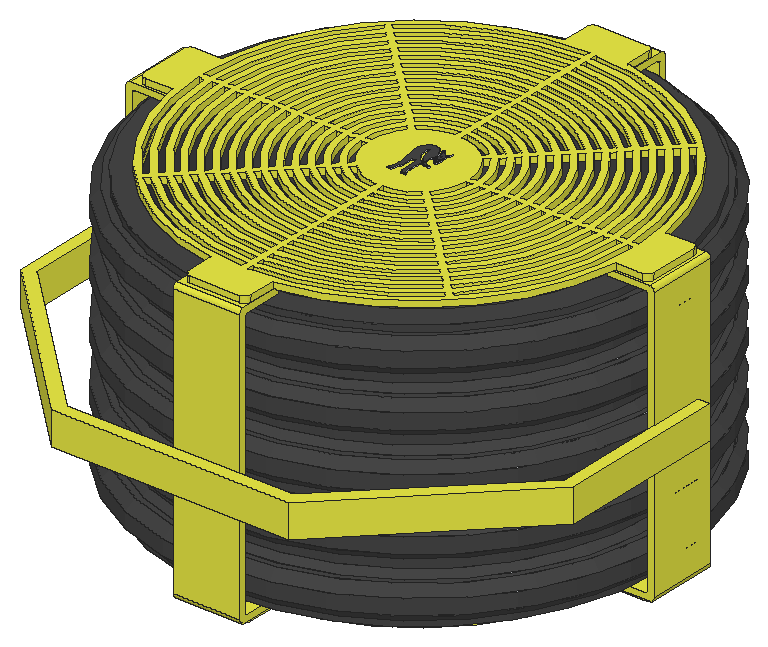
Revit family "yellow jacket", category Generic Models, Revit 2014 (continued)
Forms (in)
  Extrusion 8, solid
    sketch origin (0, 0, 0) x (1, 0, 0) y (0, 1, 0)
      loop
        arc (6.61694, 0.10746) -> (6.12697, 2.34491) -> (4.89132, 4.27348) r 6.5
        line (4.89132, 4.27348) -> (4.53748, 3.91964)
        arc (4.53748, 3.91964) -> (5.66503, 2.15356) -> (6.11654, 0.10746) r 6
      loop
        line (7.11729, 0.10746) -> (7.61758, 0.10746)
        arc (7.61758, 0.10746) -> (7.05085, 2.72759) -> (5.59888, 4.98104) r 7.5
        line (5.59888, 4.98104) -> (5.24512, 4.62728)
        arc (5.24512, 4.62728) -> (6.58891, 2.53625) -> (7.11729, 0.10746) r 7
      loop
        line (8.11784, 0.10746) -> (8.61807, 0.10746)
        arc (8.61807, 0.10746) -> (7.97473, 3.11027) -> (6.30634, 5.68849) r 8.5
        line (6.30634, 5.68849) -> (5.95262, 5.33478)
        arc (5.95262, 5.33478) -> (7.51279, 2.91893) -> (8.11784, 0.10746) r 8
      loop
        line (9.11828, 0.10746) -> (9.61846, 0.10746)
        arc (9.61846, 0.10746) -> (8.89861, 3.49296) -> (7.01372, 6.39587) r 9.5
        line (7.01372, 6.39587) -> (6.66003, 6.04219)
        arc (6.66003, 6.04219) -> (8.43667, 3.30161) -> (9.11828, 0.10746) r 9
      loop
        line (10.11863, 0.10746) -> (10.61878, 0.10746)
        arc (10.61878, 0.10746) -> (9.82249, 3.87564) -> (7.72104, 7.1032) r 10.5
        line (7.72104, 7.1032) -> (7.36739, 6.74954)
        arc (7.36739, 6.74954) -> (9.36055, 3.6843) -> (10.11863, 0.10746) r 10
      loop
        line (11.11891, 0.10746) -> (11.61903, 0.10746)
        arc (11.61903, 0.10746) -> (10.74637, 4.25832) -> (8.42833, 7.81049) r 11.5
        line (8.42833, 7.81049) -> (8.07469, 7.45685)
        arc (8.07469, 7.45685) -> (10.28443, 4.06698) -> (11.11891, 0.10746) r 11
      loop
        line (12.11915, 0.10746) -> (12.61925, 0.10746)
        arc (12.61925, 0.10746) -> (11.67025, 4.64101) -> (9.1356, 8.51775) r 12.5
        line (9.1356, 8.51775) -> (8.78197, 8.16413)
        arc (8.78197, 8.16413) -> (11.20831, 4.44966) -> (12.11915, 0.10746) r 12
      loop
        line (13.11935, 0.10746) -> (13.61944, 0.10746)
        arc (13.61944, 0.10746) -> (12.59413, 5.02369) -> (9.84283, 9.22499) r 13.5
        line (9.84283, 9.22499) -> (9.48922, 8.87138)
        arc (9.48922, 8.87138) -> (12.13219, 4.83235) -> (13.11935, 0.10746) r 13
      loop
        line (14.11952, 0.10746) -> (14.6196, 0.10746)
        arc (14.6196, 0.10746) -> (13.518, 5.40637) -> (10.55005, 9.93221) r 14.5
        line (10.55005, 9.93221) -> (10.19644, 9.5786)
        arc (10.19644, 9.5786) -> (13.05607, 5.21503) -> (14.11952, 0.10746) r 14
      loop
        line (15.11967, 0.10746) -> (15.61974, 0.10746)
        arc (15.61974, 0.10746) -> (14.44188, 5.78906) -> (11.25726, 10.63942) r 15.5
        line (11.25726, 10.63942) -> (10.90366, 10.28582)
        arc (10.90366, 10.28582) -> (13.97994, 5.59772) -> (15.11967, 0.10746) r 15
      loop
        line (16.1198, 0.10746) -> (16.61986, 0.10746)
        arc (16.61986, 0.10746) -> (15.36576, 6.17174) -> (11.96445, 11.34661) r 16.5
        line (11.96445, 11.34661) -> (11.61086, 10.99301)
        arc (11.61086, 10.99301) -> (14.90382, 5.9804) -> (16.1198, 0.10746) r 16
      loop
        line (17.11991, 0.10746) -> (17.61997, 0.10746)
        arc (17.61997, 0.10746) -> (16.28964, 6.55442) -> (12.67163, 12.05379) r 17.5
        line (12.67163, 12.05379) -> (12.31804, 11.7002)
        arc (12.31804, 11.7002) -> (15.8277, 6.36308) -> (17.11991, 0.10746) r 17
      loop
        arc (12.31808, 12.40735) -> (6.81871, 16.02536) -> (0.37175, 17.35568) r 17.5
        line (0.37175, 17.35568) -> (0.37175, 16.85563)
        arc (0.37175, 16.85563) -> (6.62737, 15.56342) -> (11.96449, 12.05376) r 17
        line (11.96449, 12.05376) -> (12.31808, 12.40735)
      loop
        arc (11.6109, 11.70016) -> (6.43603, 15.10148) -> (0.37175, 16.35557) r 16.5
        line (0.37175, 16.35557) -> (0.37175, 15.85551)
        arc (0.37175, 15.85551) -> (6.24469, 14.63954) -> (11.2573, 11.34657) r 16
        line (11.2573, 11.34657) -> (11.6109, 11.70016)
      loop
        arc (10.9037, 10.99297) -> (6.05334, 14.1776) -> (0.37175, 15.35545) r 15.5
        line (0.37175, 15.35545) -> (0.37175, 14.85538)
        arc (0.37175, 14.85538) -> (5.862, 13.71566) -> (10.5501, 10.63937) r 15
        line (10.5501, 10.63937) -> (10.9037, 10.99297)
      loop
        arc (10.1965, 10.28576) -> (5.67066, 13.25372) -> (0.37175, 14.35531) r 14.5
        line (0.37175, 14.35531) -> (0.37175, 13.85523)
        arc (0.37175, 13.85523) -> (5.47932, 12.79178) -> (9.84289, 9.93216) r 14
        line (9.84289, 9.93216) -> (10.1965, 10.28576)
      loop
        arc (9.48928, 9.57854) -> (5.28798, 12.32984) -> (0.37175, 13.35515) r 13.5
        line (0.37175, 13.35515) -> (0.37175, 12.85506)
        arc (0.37175, 12.85506) -> (5.09664, 11.8679) -> (9.13566, 9.22493) r 13
        line (9.13566, 9.22493) -> (9.48928, 9.57854)
      loop
        arc (8.78204, 8.87131) -> (4.90529, 11.40596) -> (0.37175, 12.35496) r 12.5
        line (0.37175, 12.35496) -> (0.37175, 11.85486)
        arc (0.37175, 11.85486) -> (4.71395, 10.94402) -> (8.42841, 8.51768) r 12
        line (8.42841, 8.51768) -> (8.78204, 8.87131)
      loop
        arc (8.07478, 8.16405) -> (4.52261, 10.48208) -> (0.37175, 11.35475) r 11.5
        line (0.37175, 11.35475) -> (0.37175, 10.85462)
        arc (0.37175, 10.85462) -> (4.33127, 10.02014) -> (7.72114, 7.81041) r 11
        line (7.72114, 7.81041) -> (8.07478, 8.16405)
      loop
        arc (7.36749, 7.45676) -> (4.13993, 9.5582) -> (0.37175, 10.35449) r 10.5
        line (0.37175, 10.35449) -> (0.37175, 9.85434)
        arc (0.37175, 9.85434) -> (3.94859, 9.09626) -> (7.01383, 7.1031) r 10
        line (7.01383, 7.1031) -> (7.36749, 7.45676)
      loop
        arc (6.66016, 6.74943) -> (3.75724, 8.63432) -> (0.37175, 9.35417) r 9.5
        line (0.37175, 9.35417) -> (0.37175, 8.85399)
        arc (0.37175, 8.85399) -> (3.5659, 8.17238) -> (6.30648, 6.39575) r 9
        line (6.30648, 6.39575) -> (6.66016, 6.74943)
      loop
        arc (5.95278, 6.04205) -> (3.37456, 7.71044) -> (0.37175, 8.35379) r 8.5
        line (0.37175, 8.35379) -> (0.37175, 7.85356)
        arc (0.37175, 7.85356) -> (3.18322, 7.2485) -> (5.59907, 5.68833) r 8
        line (5.59907, 5.68833) -> (5.95278, 6.04205)
      loop
        arc (5.24533, 5.33459) -> (2.99188, 6.78656) -> (0.37175, 7.3533) r 7.5
        line (0.37175, 7.3533) -> (0.37175, 6.853)
        arc (0.37175, 6.853) -> (2.80054, 6.32462) -> (4.89156, 4.98083) r 7
        line (4.89156, 4.98083) -> (5.24533, 5.33459)
      loop
        arc (4.53777, 4.62703) -> (2.60919, 5.86268) -> (0.37175, 6.35265) r 6.5
        line (0.37175, 6.35265) -> (0.37175, 5.85225)
        arc (0.37175, 5.85225) -> (2.41785, 5.40074) -> (4.18393, 4.2732) r 6
        line (4.18393, 4.2732) -> (4.53777, 4.62703)
      loop
        arc (3.83004, 3.91931) -> (2.22651, 4.9388) -> (0.37175, 5.35178) r 5.5
        line (0.37175, 5.35178) -> (0.37175, 4.85121)
        arc (0.37175, 4.85121) -> (2.03517, 4.47686) -> (3.47609, 3.56535) r 5
        line (3.47609, 3.56535) -> (3.83004, 3.91931)
      loop
        arc (3.12204, 3.21131) -> (1.84383, 4.01492) -> (0.37175, 4.35051) r 4.5
        line (0.37175, 4.35051) -> (0.37175, 3.84964)
        arc (0.37175, 3.84964) -> (1.65249, 3.55298) -> (2.76787, 2.85714) r 4
        line (2.76787, 2.85714) -> (3.12204, 3.21131)
      loop
        line (-2.87792, 2.50358) -> (-3.23209, 2.85775)
        arc (-3.23209, 2.85775) -> (-4.03571, 1.57954) -> (-4.3713, 0.10746) r 4.5
        line (-4.3713, 0.10746) -> (-3.87043, 0.10746)
        arc (-3.87043, 0.10746) -> (-3.57377, 1.3882) -> (-2.87792, 2.50358) r 4
      loop
        line (-3.58614, 3.2118) -> (-3.94009, 3.56575)
        arc (-3.94009, 3.56575) -> (-4.95959, 1.96222) -> (-5.37256, 0.10746) r 5.5
        line (-5.37256, 0.10746) -> (-4.87199, 0.10746)
        arc (-4.87199, 0.10746) -> (-4.49765, 1.77088) -> (-3.58614, 3.2118) r 5
      loop
        line (-4.29398, 3.91964) -> (-4.64782, 4.27348)
        arc (-4.64782, 4.27348) -> (-5.88347, 2.34491) -> (-6.37344, 0.10746) r 6.5
        line (-6.37344, 0.10746) -> (-5.87304, 0.10746)
        arc (-5.87304, 0.10746) -> (-5.42153, 2.15356) -> (-4.29398, 3.91964) r 6
      loop
        line (-5.00161, 4.62728) -> (-5.35538, 4.98104)
        arc (-5.35538, 4.98104) -> (-6.80734, 2.72759) -> (-7.37408, 0.10746) r 7.5
        line (-7.37408, 0.10746) -> (-6.87378, 0.10746)
        arc (-6.87378, 0.10746) -> (-6.34541, 2.53625) -> (-5.00161, 4.62728) r 7
      loop
        line (-5.70912, 5.33478) -> (-6.06283, 5.68849)
        arc (-6.06283, 5.68849) -> (-7.73122, 3.11027) -> (-8.37457, 0.10746) r 8.5
        line (-8.37457, 0.10746) -> (-7.87434, 0.10746)
        arc (-7.87434, 0.10746) -> (-7.26928, 2.91893) -> (-5.70912, 5.33478) r 8
      loop
        line (-6.41653, 6.04219) -> (-6.77021, 6.39587)
        arc (-6.77021, 6.39587) -> (-8.6551, 3.49296) -> (-9.37496, 0.10746) r 9.5
        line (-9.37496, 0.10746) -> (-8.87478, 0.10746)
        arc (-8.87478, 0.10746) -> (-8.19316, 3.30161) -> (-6.41653, 6.04219) r 9
      loop
        line (-7.12388, 6.74954) -> (-7.47754, 7.1032)
        arc (-7.47754, 7.1032) -> (-9.57898, 3.87564) -> (-10.37527, 0.10746) r 10.5
        line (-10.37527, 0.10746) -> (-9.87512, 0.10746)
        arc (-9.87512, 0.10746) -> (-9.11704, 3.6843) -> (-7.12388, 6.74954) r 10
      loop
        line (-7.83119, 7.45685) -> (-8.18483, 7.81049)
        arc (-8.18483, 7.81049) -> (-10.50286, 4.25832) -> (-11.37553, 0.10746) r 11.5
        line (-11.37553, 0.10746) -> (-10.87541, 0.10746)
        arc (-10.87541, 0.10746) -> (-10.04092, 4.06698) -> (-7.83119, 7.45685) r 11
      loop
        line (-8.53846, 8.16413) -> (-8.89209, 8.51775)
        arc (-8.89209, 8.51775) -> (-11.42674, 4.64101) -> (-12.37575, 0.10746) r 12.5
        line (-12.37575, 0.10746) -> (-11.87564, 0.10746)
        arc (-11.87564, 0.10746) -> (-10.9648, 4.44966) -> (-8.53846, 8.16413) r 12
      loop
        line (-9.24571, 8.87138) -> (-9.59933, 9.22499)
        arc (-9.59933, 9.22499) -> (-12.35062, 5.02369) -> (-13.37593, 0.10746) r 13.5
        line (-13.37593, 0.10746) -> (-12.87584, 0.10746)
        arc (-12.87584, 0.10746) -> (-11.88868, 4.83235) -> (-9.24571, 8.87138) r 13
      loop
        line (-9.95294, 9.5786) -> (-10.30655, 9.93221)
        arc (-10.30655, 9.93221) -> (-13.2745, 5.40637) -> (-14.37609, 0.10746) r 14.5
        line (-14.37609, 0.10746) -> (-13.87602, 0.10746)
        arc (-13.87602, 0.10746) -> (-12.81256, 5.21503) -> (-9.95294, 9.5786) r 14
      loop
        line (-10.66015, 10.28582) -> (-11.01375, 10.63942)
        arc (-11.01375, 10.63942) -> (-14.19838, 5.78906) -> (-15.37623, 0.10746) r 15.5
        line (-15.37623, 0.10746) -> (-14.87616, 0.10746)
        arc (-14.87616, 0.10746) -> (-13.73644, 5.59772) -> (-10.66015, 10.28582) r 15
      loop
        line (-11.36735, 10.99301) -> (-11.72095, 11.34661)
        arc (-11.72095, 11.34661) -> (-15.12226, 6.17174) -> (-16.37635, 0.10746) r 16.5
        line (-16.37635, 0.10746) -> (-15.8763, 0.10746)
        arc (-15.8763, 0.10746) -> (-14.66032, 5.9804) -> (-11.36735, 10.99301) r 16
      loop
        line (-12.07454, 11.7002) -> (-12.42813, 12.05379)
        arc (-12.42813, 12.05379) -> (-16.04614, 6.55442) -> (-17.37646, 0.10746) r 17.5
        line (-17.37646, 0.10746) -> (-16.87641, 0.10746)
        arc (-16.87641, 0.10746) -> (-15.5842, 6.36308) -> (-12.07454, 11.7002) r 17
      loop
        line (-2.52437, -3.14221) -> (-2.87854, -3.49638)
        arc (-2.87854, -3.49638) -> (-1.60032, -4.29999) -> (-0.12825, -4.63559) r 4.5
        line (-0.12825, -4.63559) -> (-0.12825, -4.13472)
        arc (-0.12825, -4.13472) -> (-1.40898, -3.83805) -> (-2.52437, -3.14221) r 4
      loop
        line (-3.23258, -3.85042) -> (-3.58654, -4.20438)
        arc (-3.58654, -4.20438) -> (-1.98301, -5.22387) -> (-0.12825, -5.63685) r 5.5
        line (-0.12825, -5.63685) -> (-0.12825, -5.13628)
        arc (-0.12825, -5.13628) -> (-1.79167, -4.76193) -> (-3.23258, -3.85042) r 5
      loop
        line (-3.94043, -4.55827) -> (-4.29426, -4.91211)
        arc (-4.29426, -4.91211) -> (-2.36569, -6.14775) -> (-0.12825, -6.63773) r 6.5
        line (-0.12825, -6.63773) -> (-0.12825, -6.13733)
        arc (-0.12825, -6.13733) -> (-2.17435, -5.68581) -> (-3.94043, -4.55827) r 6
      loop
        line (-4.64806, -5.2659) -> (-5.00183, -5.61967)
        arc (-5.00183, -5.61967) -> (-2.74837, -7.07163) -> (-0.12825, -7.63837) r 7.5
        line (-0.12825, -7.63837) -> (-0.12825, -7.13807)
        arc (-0.12825, -7.13807) -> (-2.55703, -6.60969) -> (-4.64806, -5.2659) r 7
      loop
        line (-5.35556, -5.9734) -> (-5.70928, -6.32712)
        arc (-5.70928, -6.32712) -> (-3.13106, -7.99551) -> (-0.12825, -8.63886) r 8.5
        line (-0.12825, -8.63886) -> (-0.12825, -8.13863)
        arc (-0.12825, -8.13863) -> (-2.93972, -7.53357) -> (-5.35556, -5.9734) r 8
      loop
        line (-6.06298, -6.68082) -> (-6.41666, -7.0345)
        arc (-6.41666, -7.0345) -> (-3.51374, -8.91939) -> (-0.12825, -9.63925) r 9.5
        line (-0.12825, -9.63925) -> (-0.12825, -9.13906)
        arc (-0.12825, -9.13906) -> (-3.3224, -8.45745) -> (-6.06298, -6.68082) r 9
      loop
        line (-6.77033, -7.38817) -> (-7.12399, -7.74183)
        arc (-7.12399, -7.74183) -> (-3.89642, -9.84327) -> (-0.12825, -10.63956) r 10.5
        line (-0.12825, -10.63956) -> (-0.12825, -10.13941)
        arc (-0.12825, -10.13941) -> (-3.70508, -9.38133) -> (-6.77033, -7.38817) r 10
      loop
        line (-7.47764, -8.09548) -> (-7.83128, -8.44912)
        arc (-7.83128, -8.44912) -> (-4.27911, -10.76715) -> (-0.12825, -11.63982) r 11.5
        line (-0.12825, -11.63982) -> (-0.12825, -11.1397)
        arc (-0.12825, -11.1397) -> (-4.08777, -10.30521) -> (-7.47764, -8.09548) r 11
      loop
        line (-8.18491, -8.80275) -> (-8.53854, -9.15638)
        arc (-8.53854, -9.15638) -> (-4.66179, -11.69103) -> (-0.12825, -12.64004) r 12.5
        line (-0.12825, -12.64004) -> (-0.12825, -12.13993)
        arc (-0.12825, -12.13993) -> (-4.47045, -11.22909) -> (-8.18491, -8.80275) r 12
      loop
        line (-8.89216, -9.51) -> (-9.24578, -9.86362)
        arc (-9.24578, -9.86362) -> (-5.04447, -12.61491) -> (-0.12825, -13.64022) r 13.5
        line (-0.12825, -13.64022) -> (-0.12825, -13.14013)
        arc (-0.12825, -13.14013) -> (-4.85313, -12.15297) -> (-8.89216, -9.51) r 13
      loop
        line (-9.59939, -10.21723) -> (-9.953, -10.57084)
        arc (-9.953, -10.57084) -> (-5.42716, -13.53879) -> (-0.12825, -14.64038) r 14.5
        line (-0.12825, -14.64038) -> (-0.12825, -14.1403)
        arc (-0.12825, -14.1403) -> (-5.23582, -13.07685) -> (-9.59939, -10.21723) r 14
      loop
        line (-10.3066, -10.92444) -> (-10.6602, -11.27804)
        arc (-10.6602, -11.27804) -> (-5.80984, -14.46267) -> (-0.12825, -15.64052) r 15.5
        line (-0.12825, -15.64052) -> (-0.12825, -15.14045)
        arc (-0.12825, -15.14045) -> (-5.6185, -14.00073) -> (-10.3066, -10.92444) r 15
      loop
        line (-11.0138, -11.63164) -> (-11.36739, -11.98524)
        arc (-11.36739, -11.98524) -> (-6.19252, -15.38655) -> (-0.12825, -16.64064) r 16.5
        line (-0.12825, -16.64064) -> (-0.12825, -16.14058)
        arc (-0.12825, -16.14058) -> (-6.00118, -14.92461) -> (-11.0138, -11.63164) r 16
      loop
        line (-11.72099, -12.33883) -> (-12.07458, -12.69242)
        arc (-12.07458, -12.69242) -> (-6.57521, -16.31043) -> (-0.12825, -17.64075) r 17.5
        line (-0.12825, -17.64075) -> (-0.12825, -17.1407)
        arc (-0.12825, -17.1407) -> (-6.38387, -15.84849) -> (-11.72099, -12.33883) r 17
      loop
        arc (3.47559, -3.14283) -> (4.27921, -1.86461) -> (4.6148, -0.39254) r 4.5
        line (4.6148, -0.39254) -> (4.11393, -0.39254)
        arc (4.11393, -0.39254) -> (3.81727, -1.67327) -> (3.12143, -2.78866) r 4
        line (3.12143, -2.78866) -> (3.47559, -3.14283)
      loop
        line (3.82964, -3.49687) -> (4.1836, -3.85083)
        arc (4.1836, -3.85083) -> (5.20309, -2.2473) -> (5.61607, -0.39254) r 5.5
        line (5.61607, -0.39254) -> (5.1155, -0.39254)
        arc (5.1155, -0.39254) -> (4.74115, -2.05595) -> (3.82964, -3.49687) r 5
      loop
        line (4.53748, -4.20472) -> (4.89132, -4.55855)
        arc (4.89132, -4.55855) -> (6.12697, -2.62998) -> (6.61694, -0.39254) r 6.5
        line (6.61694, -0.39254) -> (6.11654, -0.39254)
        arc (6.11654, -0.39254) -> (5.66503, -2.43864) -> (4.53748, -4.20472) r 6
      loop
        line (5.24512, -4.91235) -> (5.59888, -5.26611)
        arc (5.59888, -5.26611) -> (7.05085, -3.01266) -> (7.61758, -0.39254) r 7.5
        line (7.61758, -0.39254) -> (7.11729, -0.39254)
        arc (7.11729, -0.39254) -> (6.58891, -2.82132) -> (5.24512, -4.91235) r 7
      loop
        line (5.95262, -5.61985) -> (6.30634, -5.97357)
        arc (6.30634, -5.97357) -> (7.97473, -3.39535) -> (8.61807, -0.39254) r 8.5
        line (8.61807, -0.39254) -> (8.11784, -0.39254)
        arc (8.11784, -0.39254) -> (7.51279, -3.204) -> (5.95262, -5.61985) r 8
      loop
        line (6.66003, -6.32726) -> (7.01372, -6.68095)
        arc (7.01372, -6.68095) -> (8.89861, -3.77803) -> (9.61846, -0.39254) r 9.5
        line (9.61846, -0.39254) -> (9.11828, -0.39254)
        arc (9.11828, -0.39254) -> (8.43667, -3.58669) -> (6.66003, -6.32726) r 9
      loop
        line (7.36739, -7.03462) -> (7.72104, -7.38828)
        arc (7.72104, -7.38828) -> (9.82249, -4.16071) -> (10.61878, -0.39254) r 10.5
        line (10.61878, -0.39254) -> (10.11863, -0.39254)
        arc (10.11863, -0.39254) -> (9.36055, -3.96937) -> (7.36739, -7.03462) r 10
      loop
        line (8.07469, -7.74193) -> (8.42833, -8.09557)
        arc (8.42833, -8.09557) -> (10.74637, -4.5434) -> (11.61903, -0.39254) r 11.5
        line (11.61903, -0.39254) -> (11.11891, -0.39254)
        arc (11.11891, -0.39254) -> (10.28443, -4.35205) -> (8.07469, -7.74193) r 11
      loop
        line (8.78197, -8.4492) -> (9.1356, -8.80283)
        arc (9.1356, -8.80283) -> (11.67025, -4.92608) -> (12.61925, -0.39254) r 12.5
        line (12.61925, -0.39254) -> (12.11915, -0.39254)
        arc (12.11915, -0.39254) -> (11.20831, -4.73474) -> (8.78197, -8.4492) r 12
      loop
        line (9.48922, -9.15645) -> (9.84283, -9.51006)
        arc (9.84283, -9.51006) -> (12.59413, -5.30876) -> (13.61944, -0.39254) r 13.5
        line (13.61944, -0.39254) -> (13.11935, -0.39254)
        arc (13.11935, -0.39254) -> (12.13219, -5.11742) -> (9.48922, -9.15645) r 13
      loop
        line (10.19644, -9.86368) -> (10.55005, -10.21728)
        arc (10.55005, -10.21728) -> (13.518, -5.69145) -> (14.6196, -0.39254) r 14.5
        line (14.6196, -0.39254) -> (14.11952, -0.39254)
        arc (14.11952, -0.39254) -> (13.05607, -5.5001) -> (10.19644, -9.86368) r 14
      loop
        line (10.90366, -10.57089) -> (11.25726, -10.92449)
        arc (11.25726, -10.92449) -> (14.44188, -6.07413) -> (15.61974, -0.39254) r 15.5
        line (15.61974, -0.39254) -> (15.11967, -0.39254)
        arc (15.11967, -0.39254) -> (13.97994, -5.88279) -> (10.90366, -10.57089) r 15
      loop
        line (11.61086, -11.27809) -> (11.96445, -11.63168)
        arc (11.96445, -11.63168) -> (15.36576, -6.45681) -> (16.61986, -0.39254) r 16.5
        line (16.61986, -0.39254) -> (16.1198, -0.39254)
        arc (16.1198, -0.39254) -> (14.90382, -6.26547) -> (11.61086, -11.27809) r 16
      loop
        line (12.31804, -11.98528) -> (12.67163, -12.33887)
        arc (12.67163, -12.33887) -> (16.28964, -6.8395) -> (17.61997, -0.39254) r 17.5
        line (17.61997, -0.39254) -> (17.11991, -0.39254)
        arc (17.11991, -0.39254) -> (15.8277, -6.64815) -> (12.31804, -11.98528) r 17
    from 22 to 22.5
  Extrusion 9, solid
    sketch origin (-49, 1, 0) x (1, 0, 0) y (0, 1, 0)
      loop
        circle (49.20683, -1.23509) r 1.5
    from 0 to 21.5
  Extrusion 10, solid
    sketch origin (-70.75, 0, 0) x (1, 0, 0) y (0, 1, 0)
      loop
        arc (69.11209, 0.38204) -> (60.59891, 0.49667) -> (53.24647, -3.79623) r 15.90401
        arc (53.24647, -3.79623) -> (57.34755, -12.02092) -> (64.97428, -17.149) r 18
        arc (64.97428, -17.149) -> (65.71215, -8.53201) -> (71.29728, -1.92874) r 14.25
        arc (71.29728, -1.92874) -> (75.4546, -9.35868) -> (82.84859, -13.57963) r 15.90401
        arc (82.84859, -13.57963) -> (87.92083, -5.91565) -> (88.54852, 3.25334) r 18
        arc (88.54852, 3.25334) -> (80.71705, -0.41615) -> (72.20588, 1.11908) r 14.25
        arc (72.20588, 1.11908) -> (76.56174, 8.4344) -> (76.5202, 16.94825) r 15.90401
        arc (76.5202, 16.94825) -> (67.34687, 17.50896) -> (59.09245, 13.46805) r 18
        arc (59.09245, 13.46805) -> (66.18605, 8.52055) -> (69.11209, 0.38204) r 14.25
    from 10.1195 to 11.3805
  Extrusion 11, solid
    sketch origin (0, 0, 0) x (1, 0, 0) y (0, 1, 0)
      loop
        line (-21.27253, 1.42552) -> (-22.27253, 1.42552) -> (-22.27253, -12.2387) -> (-9.51212, -24.9991) -> (9.50562, -24.9991) -> (22.26603, -12.2387) -> (22.26603, 1.42552) -> (21.26603, 1.42552) -> (21.26603, -11.82448) -> (9.09141, -23.9991) -> (-9.09791, -23.9991) -> (-21.27253, -11.82448) -> (-21.27253, 1.42552)
    from 9.40616 to 12.09384
  Extrusion 12, solid
    sketch origin (0, 0, 0) x (1, 0, 0) y (0, 1, 0)
      loop
        line (1.22762, -0.44658) -> (1.14156, -0.3897) -> (1.08104, -0.37305) -> (1.01979, -0.35766) -> (0.91896, -0.32833) -> (0.78999, -0.27849) -> (0.72087, -0.2328)
        spline (0.72087, -0.2328) -> (0.7031, -0.22106) -> (0.68476, -0.20996) -> (0.66577, -0.19999) -> (0.64609, -0.19163) -> (0.6257, -0.18534) -> (0.60465, -0.18172) -> (0.58332, -0.18223) -> (0.56282, -0.18819) -> (0.54498, -0.19988) -> (0.53072, -0.2158) -> (0.52011, -0.23432) -> (0.51223, -0.2541)
        spline (0.51223, -0.2541) -> (0.51129, -0.27899) -> (0.51479, -0.30304) -> (0.52536, -0.32528) -> (0.54087, -0.34445) -> (0.55949, -0.36047) -> (0.58012, -0.37383) -> (0.60199, -0.38509) -> (0.62462, -0.39466) -> (0.64779, -0.40276) -> (0.67134, -0.40967) -> (0.69514, -0.41577) -> (0.71906, -0.42149)
        line (0.71906, -0.42149) -> (1.08978, -0.45898) -> (1.22762, -0.44658)
      loop
        spline (0.91101, 0.44645) -> (0.91017, 0.42747) -> (0.9102, 0.40852) -> (0.91193, 0.38963) -> (0.91582, 0.37104) -> (0.92212, 0.35311) -> (0.9312, 0.33645) -> (0.94325, 0.32178) -> (0.95798, 0.30983) -> (0.97475, 0.30082) -> (0.99283, 0.29481) -> (1.01155, 0.29175) -> (1.03049, 0.2905)
        line (1.03049, 0.2905) -> (1.02565, 0.45022) -> (1.05895, 0.28292)
        spline (1.05895, 0.28292) -> (1.06562, 0.27356) -> (1.0726, 0.26447) -> (1.08021, 0.25591) -> (1.08866, 0.24815) -> (1.098, 0.24146) -> (1.10823, 0.23627) -> (1.11928, 0.23315) -> (1.13076, 0.2325) -> (1.14216, 0.23437) -> (1.15289, 0.23844) -> (1.1628, 0.24416) -> (1.1723, 0.25072)
        line (1.1723, 0.25072) -> (1.24871, 0.31792) -> (1.29491, 0.46852) -> (1.2873, 0.64049) -> (1.21875, 0.68463) -> (1.00684, 0.59527) -> (0.91101, 0.44645)
      loop
        line (0.91157, 0.61159) -> (0.84626, 0.69624)
        spline (0.84626, 0.69624) -> (0.82889, 0.70523) -> (0.81208, 0.71502) -> (0.79639, 0.72644) -> (0.78223, 0.73986) -> (0.76984, 0.75501) -> (0.75939, 0.77161) -> (0.75101, 0.78933) -> (0.74481, 0.80785) -> (0.74086, 0.82685) -> (0.7388, 0.84616) -> (0.73799, 0.86568) -> (0.73781, 0.88529)
        line (0.73781, 0.88529) -> (0.6984, 1.2714)
        spline (0.6984, 1.2714) -> (0.72544, 1.26055) -> (0.74937, 1.245) -> (0.76813, 1.22288) -> (0.78153, 1.1971) -> (0.79027, 1.16959) -> (0.7955, 1.1412) -> (0.79797, 1.11243) -> (0.79819, 1.08358) -> (0.79667, 1.05482) -> (0.79385, 1.02613) -> (0.79016, 0.99748) -> (0.78603, 0.96887)
        spline (0.78603, 0.96887) -> (0.78422, 0.94722) -> (0.78339, 0.92548) -> (0.78377, 0.90372) -> (0.78553, 0.88205) -> (0.78886, 0.86055) -> (0.79401, 0.83941) -> (0.80126, 0.81884) -> (0.81085, 0.79912) -> (0.82293, 0.78091) -> (0.83761, 0.76502) -> (0.85457, 0.75152) -> (0.8727, 0.73928)
        line (0.8727, 0.73928) -> (0.95142, 0.62785) -> (1.21378, 0.74102) -> (1.27899, 0.70792) -> (1.23858, 0.899) -> (1.24871, 0.96196)
        spline (1.24871, 0.96196) -> (1.25443, 0.98367) -> (1.25806, 1.00588) -> (1.25968, 1.02842) -> (1.25941, 1.05109) -> (1.25737, 1.07368) -> (1.25371, 1.09599) -> (1.24857, 1.11796) -> (1.24208, 1.13954) -> (1.23438, 1.16071) -> (1.22562, 1.18146) -> (1.21594, 1.20176) -> (1.2056, 1.22169)
        line (1.2056, 1.22169) -> (1.30473, 1.41439)
        spline (1.30473, 1.41439) -> (1.3166, 1.44111) -> (1.32837, 1.46787) -> (1.33992, 1.49471) -> (1.35114, 1.52169) -> (1.36192, 1.54885) -> (1.37216, 1.57622) -> (1.38172, 1.60386) -> (1.38982, 1.63195) -> (1.39498, 1.66081) -> (1.39225, 1.68962) -> (1.36613, 1.6942) -> (1.34073, 1.67964)
        line (1.34073, 1.67964) -> (1.16695, 1.46689) -> (1.09312, 1.36706) -> (0.9651, 1.40684) -> (0.81938, 1.56493) -> (0.67116, 1.78726)
        spline (0.67116, 1.78726) -> (0.66501, 1.79731) -> (0.65845, 1.80715) -> (0.65105, 1.81648) -> (0.64219, 1.82429) -> (0.63124, 1.8285) -> (0.62038, 1.82445) -> (0.613, 1.81528) -> (0.60796, 1.80453) -> (0.60422, 1.79324) -> (0.60123, 1.7818) -> (0.59874, 1.77027) -> (0.59651, 1.75868)
        spline (0.59651, 1.75868) -> (0.59353, 1.72194) -> (0.59162, 1.68526) -> (0.59182, 1.64872) -> (0.59518, 1.61239) -> (0.60205, 1.5764) -> (0.61197, 1.54094) -> (0.62447, 1.50623) -> (0.63907, 1.47245) -> (0.65531, 1.43958) -> (0.67279, 1.4074) -> (0.69109, 1.37567) -> (0.7098, 1.34417)
        line (0.7098, 1.34417) -> (0.6738, 1.29051) -> (0.54099, 1.29051)
        spline (0.54099, 1.29051) -> (0.51469, 1.37516) -> (0.48542, 1.45852) -> (0.45024, 1.53929) -> (0.40647, 1.61613) -> (0.35353, 1.68741) -> (0.29176, 1.75133) -> (0.22158, 1.80612) -> (0.14435, 1.85011) -> (0.06199, 1.88167) -> (-0.02375, 1.9005) -> (-0.11166, 1.91034) -> (-0.20066, 1.91567)
        spline (-0.20066, 1.91567) -> (-0.29972, 1.89913) -> (-0.39579, 1.87538) -> (-0.48586, 1.83727) -> (-0.56787, 1.78189) -> (-0.64133, 1.71381) -> (-0.70606, 1.63809) -> (-0.76274, 1.55705) -> (-0.81255, 1.47163) -> (-0.856, 1.3826) -> (-0.89253, 1.29056) -> (-0.92175, 1.1961) -> (-0.94639, 1.1003)
        line (-0.94639, 1.1003) -> (-0.91876, 0.64577) -> (-0.91102, 0.46108) -> (-0.75807, -0.33628) -> (-0.75807, -0.57812) -> (-0.72171, -0.86368) -> (-0.74271, -1.13173) -> (-0.74926, -1.41475) -> (-0.84712, -1.8518) -> (-0.92078, -1.8518) -> (-0.95521, -2.05722)
        spline (-0.95521, -2.05722) -> (-0.93012, -2.051) -> (-0.90501, -2.04505) -> (-0.8799, -2.03964) -> (-0.85475, -2.03505) -> (-0.82957, -2.03155) -> (-0.80434, -2.0294) -> (-0.77906, -2.02888) -> (-0.75373, -2.02994) -> (-0.72835, -2.03227) -> (-0.70295, -2.03556) -> (-0.67752, -2.0395) -> (-0.65208, -2.04375)
        spline (-0.65208, -2.04375) -> (-0.638, -2.04543) -> (-0.62374, -2.04435) -> (-0.60983, -2.04082) -> (-0.59717, -2.03446) -> (-0.58665, -2.02493) -> (-0.57854, -2.01314) -> (-0.57279, -2.00012) -> (-0.569, -1.98643) -> (-0.56673, -1.97247) -> (-0.5656, -1.95835) -> (-0.56522, -1.94413) -> (-0.56522, -1.92985)
        spline (-0.56522, -1.92985) -> (-0.54329, -1.90771) -> (-0.52729, -1.88106) -> (-0.51565, -1.85193) -> (-0.50661, -1.82208) -> (-0.49969, -1.79175) -> (-0.49448, -1.76113) -> (-0.49069, -1.7303) -> (-0.48808, -1.6993) -> (-0.48643, -1.66816) -> (-0.48548, -1.63691) -> (-0.48501, -1.60559) -> (-0.48478, -1.57424)
        line (-0.48478, -1.57424) -> (-0.47175, -1.40465) -> (-0.33711, -1.40465) -> (-0.33334, -1.32032) -> (-0.31968, -1.21241) -> (-0.32314, -0.87909) -> (-0.32641, -0.61007) -> (-0.35379, -0.29284) -> (-0.17302, -0.28703) -> (-0.01718, -0.25799)
        spline (-0.01718, -0.25799) -> (-0.00178, -0.30088) -> (0.01313, -0.34394) -> (0.02704, -0.38733) -> (0.03947, -0.43123) -> (0.04991, -0.4758) -> (0.05784, -0.521) -> (0.0627, -0.56653) -> (0.06392, -0.61211) -> (0.061, -0.65742) -> (0.05428, -0.70239) -> (0.04499, -0.74713) -> (0.03443, -0.79174)
        line (0.03443, -0.79174) -> (-0.0022, -0.95535)
        spline (-0.0022, -0.95535) -> (0.01007, -1.00662) -> (0.02216, -1.0579) -> (0.03387, -1.10921) -> (0.04503, -1.16056) -> (0.05544, -1.21196) -> (0.06492, -1.26342) -> (0.07329, -1.31496) -> (0.08036, -1.36659) -> (0.08594, -1.41831) -> (0.08984, -1.47016) -> (0.09189, -1.52213) -> (0.0919, -1.57424)
        spline (0.0919, -1.57424) -> (0.09197, -1.60582) -> (0.09229, -1.63736) -> (0.09311, -1.66878) -> (0.09467, -1.70005) -> (0.09723, -1.7311) -> (0.10105, -1.76188) -> (0.10635, -1.79234) -> (0.1134, -1.82243) -> (0.12247, -1.85208) -> (0.13411, -1.88104) -> (0.14995, -1.90782) -> (0.1719, -1.92985)
        spline (0.1719, -1.92985) -> (0.17196, -1.94413) -> (0.1724, -1.95836) -> (0.17359, -1.97248) -> (0.17591, -1.98646) -> (0.17975, -2.00016) -> (0.18555, -2.01316) -> (0.19372, -2.02489) -> (0.20428, -2.03442) -> (0.21694, -2.04088) -> (0.23082, -2.04434) -> (0.24505, -2.04516) -> (0.2592, -2.04375)
        spline (0.2592, -2.04375) -> (0.28463, -2.0395) -> (0.31006, -2.03557) -> (0.33546, -2.03227) -> (0.36083, -2.02994) -> (0.38616, -2.02888) -> (0.41144, -2.0294) -> (0.43666, -2.03154) -> (0.46183, -2.03505) -> (0.48697, -2.03964) -> (0.51209, -2.04505) -> (0.53718, -2.051) -> (0.56227, -2.05722)
        line (0.56227, -2.05722) -> (0.52796, -1.8518) -> (0.45284, -1.8518) -> (0.35619, -1.41475) -> (0.44331, -1.40807) -> (0.44104, -1.32142) -> (0.41177, -0.93723)
        spline (0.41177, -0.93723) -> (0.42023, -0.91115) -> (0.42833, -0.88504) -> (0.43572, -0.85885) -> (0.44203, -0.83256) -> (0.44691, -0.80611) -> (0.45002, -0.77949) -> (0.45132, -0.75267) -> (0.45109, -0.7257) -> (0.44964, -0.6986) -> (0.44728, -0.67141) -> (0.44431, -0.64415) -> (0.44104, -0.61686)
        line (0.44104, -0.61686) -> (0.49624, -0.28796)
        spline (0.49624, -0.28796) -> (0.36774, -0.21811) -> (0.24851, -0.1334) -> (0.14039, -0.03444) -> (0.04341, 0.07524) -> (-0.0418, 0.19452) -> (-0.11456, 0.32221) -> (-0.17411, 0.45654) -> (-0.21969, 0.59568) -> (-0.25144, 0.73802) -> (-0.27236, 0.88266) -> (-0.28609, 1.02882) -> (-0.2962, 1.17574)
        spline (-0.2962, 1.17574) -> (-0.29456, 1.19127) -> (-0.2924, 1.20663) -> (-0.28918, 1.22166) -> (-0.28438, 1.23622) -> (-0.27771, 1.25013) -> (-0.26929, 1.26319) -> (-0.25929, 1.27524) -> (-0.24788, 1.286) -> (-0.23514, 1.29482) -> (-0.22115, 1.30095) -> (-0.20618, 1.30452) -> (-0.19071, 1.30677)
        spline (-0.19071, 1.30677) -> (-0.17422, 1.30252) -> (-0.1583, 1.29727) -> (-0.14353, 1.29002) -> (-0.13038, 1.28003) -> (-0.11896, 1.26767) -> (-0.10923, 1.25368) -> (-0.10118, 1.23876) -> (-0.09489, 1.22324) -> (-0.09054, 1.20722) -> (-0.08815, 1.19081) -> (-0.08718, 1.17414) -> (-0.08692, 1.15733)
        spline (-0.08692, 1.15733) -> (-0.08095, 1.03296) -> (-0.07016, 0.90916) -> (-0.05105, 0.78642) -> (-0.02352, 0.665) -> (0.01198, 0.5451) -> (0.05513, 0.4271) -> (0.10699, 0.31292) -> (0.16938, 0.20535) -> (0.24405, 0.10707) -> (0.33, 0.01797) -> (0.42357, -0.06494) -> (0.52095, -0.14475)
        line (0.52095, -0.14475) -> (0.54275, 0.13363) -> (0.59944, 0.58462)
        spline (0.59944, 0.58462) -> (0.60655, 0.59634) -> (0.61398, 0.60781) -> (0.62207, 0.61876) -> (0.63113, 0.62893) -> (0.64136, 0.63797) -> (0.65286, 0.64535) -> (0.66564, 0.65015) -> (0.67921, 0.65158) -> (0.69271, 0.64949) -> (0.70539, 0.64443) -> (0.71701, 0.63727) -> (0.72768, 0.62876)
        spline (0.72768, 0.62876) -> (0.73078, 0.60931) -> (0.73465, 0.59005) -> (0.74003, 0.57119) -> (0.74758, 0.55301) -> (0.75766, 0.53608) -> (0.77049, 0.52112) -> (0.78606, 0.50911) -> (0.80395, 0.50091) -> (0.82318, 0.49686) -> (0.84289, 0.49652) -> (0.86234, 0.49936) -> (0.88109, 0.50514)
        line (0.88109, 0.50514) -> (0.91157, 0.61159)
      loop
        line (0.74706, 1.51034) -> (0.62584, 1.79039) -> (0.65485, 1.58143) -> (0.78584, 1.36578) -> (0.84167, 1.32135) -> (0.74706, 1.51034)
      loop
        arc (1.00676, 1.03926) -> (0.96175, 1.03317) -> (0.93702, 0.99506) r 0.05443
        line (0.93702, 0.99506) -> (1.00676, 1.03926)
      loop
        arc (1.19653, 0.34969) -> (1.19966, 0.38887) -> (1.17608, 0.42031) r 0.05557
        line (1.17608, 0.42031) -> (1.19653, 0.34969)
    from 22.5 to 22.55078
  Extrusion 13, solid
    sketch origin (0, 0, 0) x (1, 0, 0) y (0, 1, 0)
      loop
        line (1.22762, -0.44658) -> (1.14156, -0.3897) -> (1.08104, -0.37305) -> (1.01979, -0.35766) -> (0.91896, -0.32833) -> (0.78999, -0.27849) -> (0.72087, -0.2328)
        spline (0.72087, -0.2328) -> (0.7031, -0.22106) -> (0.68476, -0.20996) -> (0.66577, -0.19999) -> (0.64609, -0.19163) -> (0.6257, -0.18534) -> (0.60465, -0.18172) -> (0.58332, -0.18223) -> (0.56282, -0.18819) -> (0.54498, -0.19988) -> (0.53072, -0.2158) -> (0.52011, -0.23432) -> (0.51223, -0.2541)
        spline (0.51223, -0.2541) -> (0.51129, -0.27899) -> (0.51479, -0.30304) -> (0.52536, -0.32528) -> (0.54087, -0.34445) -> (0.55949, -0.36047) -> (0.58012, -0.37383) -> (0.60199, -0.38509) -> (0.62462, -0.39466) -> (0.64779, -0.40276) -> (0.67134, -0.40967) -> (0.69514, -0.41577) -> (0.71906, -0.42149)
        line (0.71906, -0.42149) -> (1.08978, -0.45898) -> (1.22762, -0.44658)
      loop
        spline (0.91101, 0.44645) -> (0.91017, 0.42747) -> (0.9102, 0.40852) -> (0.91193, 0.38963) -> (0.91582, 0.37104) -> (0.92212, 0.35311) -> (0.9312, 0.33645) -> (0.94325, 0.32178) -> (0.95798, 0.30983) -> (0.97475, 0.30082) -> (0.99283, 0.29481) -> (1.01155, 0.29175) -> (1.03049, 0.2905)
        line (1.03049, 0.2905) -> (1.02565, 0.45022) -> (1.05895, 0.28292)
        spline (1.05895, 0.28292) -> (1.06562, 0.27356) -> (1.0726, 0.26447) -> (1.08021, 0.25591) -> (1.08866, 0.24815) -> (1.098, 0.24146) -> (1.10823, 0.23627) -> (1.11928, 0.23315) -> (1.13076, 0.2325) -> (1.14216, 0.23437) -> (1.15289, 0.23844) -> (1.1628, 0.24416) -> (1.1723, 0.25072)
        line (1.1723, 0.25072) -> (1.24871, 0.31792) -> (1.29491, 0.46852) -> (1.2873, 0.64049) -> (1.21875, 0.68463) -> (1.00684, 0.59527) -> (0.91101, 0.44645)
      loop
        line (0.91157, 0.61159) -> (0.84626, 0.69624)
        spline (0.84626, 0.69624) -> (0.82889, 0.70523) -> (0.81208, 0.71502) -> (0.79639, 0.72644) -> (0.78223, 0.73986) -> (0.76984, 0.75501) -> (0.75939, 0.77161) -> (0.75101, 0.78933) -> (0.74481, 0.80785) -> (0.74086, 0.82685) -> (0.7388, 0.84616) -> (0.73799, 0.86568) -> (0.73781, 0.88529)
        line (0.73781, 0.88529) -> (0.6984, 1.2714)
        spline (0.6984, 1.2714) -> (0.72544, 1.26055) -> (0.74937, 1.245) -> (0.76813, 1.22288) -> (0.78153, 1.1971) -> (0.79027, 1.16959) -> (0.7955, 1.1412) -> (0.79797, 1.11243) -> (0.79819, 1.08358) -> (0.79667, 1.05482) -> (0.79385, 1.02613) -> (0.79016, 0.99748) -> (0.78603, 0.96887)
        spline (0.78603, 0.96887) -> (0.78422, 0.94722) -> (0.78339, 0.92548) -> (0.78377, 0.90372) -> (0.78553, 0.88205) -> (0.78886, 0.86055) -> (0.79401, 0.83941) -> (0.80126, 0.81884) -> (0.81085, 0.79912) -> (0.82293, 0.78091) -> (0.83761, 0.76502) -> (0.85457, 0.75152) -> (0.8727, 0.73928)
        line (0.8727, 0.73928) -> (0.95142, 0.62785) -> (1.21378, 0.74102) -> (1.27899, 0.70792) -> (1.23858, 0.899) -> (1.24871, 0.96196)
        spline (1.24871, 0.96196) -> (1.25443, 0.98367) -> (1.25806, 1.00588) -> (1.25968, 1.02842) -> (1.25941, 1.05109) -> (1.25737, 1.07368) -> (1.25371, 1.09599) -> (1.24857, 1.11796) -> (1.24208, 1.13954) -> (1.23438, 1.16071) -> (1.22562, 1.18146) -> (1.21594, 1.20176) -> (1.2056, 1.22169)
        line (1.2056, 1.22169) -> (1.30473, 1.41439)
        spline (1.30473, 1.41439) -> (1.3166, 1.44111) -> (1.32837, 1.46787) -> (1.33992, 1.49471) -> (1.35114, 1.52169) -> (1.36192, 1.54885) -> (1.37216, 1.57622) -> (1.38172, 1.60386) -> (1.38982, 1.63195) -> (1.39498, 1.66081) -> (1.39225, 1.68962) -> (1.36613, 1.6942) -> (1.34073, 1.67964)
        line (1.34073, 1.67964) -> (1.16695, 1.46689) -> (1.09312, 1.36706) -> (0.9651, 1.40684) -> (0.81938, 1.56493) -> (0.67116, 1.78726)
        spline (0.67116, 1.78726) -> (0.66501, 1.79731) -> (0.65845, 1.80715) -> (0.65105, 1.81648) -> (0.64219, 1.82429) -> (0.63124, 1.8285) -> (0.62038, 1.82445) -> (0.613, 1.81528) -> (0.60796, 1.80453) -> (0.60422, 1.79324) -> (0.60123, 1.7818) -> (0.59874, 1.77027) -> (0.59651, 1.75868)
        spline (0.59651, 1.75868) -> (0.59353, 1.72194) -> (0.59162, 1.68526) -> (0.59182, 1.64872) -> (0.59518, 1.61239) -> (0.60205, 1.5764) -> (0.61197, 1.54094) -> (0.62447, 1.50623) -> (0.63907, 1.47245) -> (0.65531, 1.43958) -> (0.67279, 1.4074) -> (0.69109, 1.37567) -> (0.7098, 1.34417)
        line (0.7098, 1.34417) -> (0.6738, 1.29051) -> (0.54099, 1.29051)
        spline (0.54099, 1.29051) -> (0.51469, 1.37516) -> (0.48542, 1.45852) -> (0.45024, 1.53929) -> (0.40647, 1.61613) -> (0.35353, 1.68741) -> (0.29176, 1.75133) -> (0.22158, 1.80612) -> (0.14435, 1.85011) -> (0.06199, 1.88167) -> (-0.02375, 1.9005) -> (-0.11166, 1.91034) -> (-0.20066, 1.91567)
        spline (-0.20066, 1.91567) -> (-0.29972, 1.89913) -> (-0.39579, 1.87538) -> (-0.48586, 1.83727) -> (-0.56787, 1.78189) -> (-0.64133, 1.71381) -> (-0.70606, 1.63809) -> (-0.76274, 1.55705) -> (-0.81255, 1.47163) -> (-0.856, 1.3826) -> (-0.89253, 1.29056) -> (-0.92175, 1.1961) -> (-0.94639, 1.1003)
        line (-0.94639, 1.1003) -> (-0.91876, 0.64577) -> (-0.91102, 0.46108) -> (-0.75807, -0.33628) -> (-0.75807, -0.57812) -> (-0.72171, -0.86368) -> (-0.74271, -1.13173) -> (-0.74926, -1.41475) -> (-0.84712, -1.8518) -> (-0.92078, -1.8518) -> (-0.95521, -2.05722)
        spline (-0.95521, -2.05722) -> (-0.93012, -2.051) -> (-0.90501, -2.04505) -> (-0.8799, -2.03964) -> (-0.85475, -2.03505) -> (-0.82957, -2.03155) -> (-0.80434, -2.0294) -> (-0.77906, -2.02888) -> (-0.75373, -2.02994) -> (-0.72835, -2.03227) -> (-0.70295, -2.03556) -> (-0.67752, -2.0395) -> (-0.65208, -2.04375)
        spline (-0.65208, -2.04375) -> (-0.638, -2.04543) -> (-0.62374, -2.04435) -> (-0.60983, -2.04082) -> (-0.59717, -2.03446) -> (-0.58665, -2.02493) -> (-0.57854, -2.01314) -> (-0.57279, -2.00012) -> (-0.569, -1.98643) -> (-0.56673, -1.97247) -> (-0.5656, -1.95835) -> (-0.56522, -1.94413) -> (-0.56522, -1.92985)
        spline (-0.56522, -1.92985) -> (-0.54329, -1.90771) -> (-0.52729, -1.88106) -> (-0.51565, -1.85193) -> (-0.50661, -1.82208) -> (-0.49969, -1.79175) -> (-0.49448, -1.76113) -> (-0.49069, -1.7303) -> (-0.48808, -1.6993) -> (-0.48643, -1.66816) -> (-0.48548, -1.63691) -> (-0.48501, -1.60559) -> (-0.48478, -1.57424)
        line (-0.48478, -1.57424) -> (-0.47175, -1.40465) -> (-0.33711, -1.40465) -> (-0.33334, -1.32032) -> (-0.31968, -1.21241) -> (-0.32314, -0.87909) -> (-0.32641, -0.61007) -> (-0.35379, -0.29284) -> (-0.17302, -0.28703) -> (-0.01718, -0.25799)
        spline (-0.01718, -0.25799) -> (-0.00178, -0.30088) -> (0.01313, -0.34394) -> (0.02704, -0.38733) -> (0.03947, -0.43123) -> (0.04991, -0.4758) -> (0.05784, -0.521) -> (0.0627, -0.56653) -> (0.06392, -0.61211) -> (0.061, -0.65742) -> (0.05428, -0.70239) -> (0.04499, -0.74713) -> (0.03443, -0.79174)
        line (0.03443, -0.79174) -> (-0.0022, -0.95535)
        spline (-0.0022, -0.95535) -> (0.01007, -1.00662) -> (0.02216, -1.0579) -> (0.03387, -1.10921) -> (0.04503, -1.16056) -> (0.05544, -1.21196) -> (0.06492, -1.26342) -> (0.07329, -1.31496) -> (0.08036, -1.36659) -> (0.08594, -1.41831) -> (0.08984, -1.47016) -> (0.09189, -1.52213) -> (0.0919, -1.57424)
        spline (0.0919, -1.57424) -> (0.09197, -1.60582) -> (0.09229, -1.63736) -> (0.09311, -1.66878) -> (0.09467, -1.70005) -> (0.09723, -1.7311) -> (0.10105, -1.76188) -> (0.10635, -1.79234) -> (0.1134, -1.82243) -> (0.12247, -1.85208) -> (0.13411, -1.88104) -> (0.14995, -1.90782) -> (0.1719, -1.92985)
        spline (0.1719, -1.92985) -> (0.17196, -1.94413) -> (0.1724, -1.95836) -> (0.17359, -1.97248) -> (0.17591, -1.98646) -> (0.17975, -2.00016) -> (0.18555, -2.01316) -> (0.19372, -2.02489) -> (0.20428, -2.03442) -> (0.21694, -2.04088) -> (0.23082, -2.04434) -> (0.24505, -2.04516) -> (0.2592, -2.04375)
        spline (0.2592, -2.04375) -> (0.28463, -2.0395) -> (0.31006, -2.03557) -> (0.33546, -2.03227) -> (0.36083, -2.02994) -> (0.38616, -2.02888) -> (0.41144, -2.0294) -> (0.43666, -2.03154) -> (0.46183, -2.03505) -> (0.48697, -2.03964) -> (0.51209, -2.04505) -> (0.53718, -2.051) -> (0.56227, -2.05722)
        line (0.56227, -2.05722) -> (0.52796, -1.8518) -> (0.45284, -1.8518) -> (0.35619, -1.41475) -> (0.44331, -1.40807) -> (0.44104, -1.32142) -> (0.41177, -0.93723)
        spline (0.41177, -0.93723) -> (0.42023, -0.91115) -> (0.42833, -0.88504) -> (0.43572, -0.85885) -> (0.44203, -0.83256) -> (0.44691, -0.80611) -> (0.45002, -0.77949) -> (0.45132, -0.75267) -> (0.45109, -0.7257) -> (0.44964, -0.6986) -> (0.44728, -0.67141) -> (0.44431, -0.64415) -> (0.44104, -0.61686)
        line (0.44104, -0.61686) -> (0.49624, -0.28796)
        spline (0.49624, -0.28796) -> (0.36774, -0.21811) -> (0.24851, -0.1334) -> (0.14039, -0.03444) -> (0.04341, 0.07524) -> (-0.0418, 0.19452) -> (-0.11456, 0.32221) -> (-0.17411, 0.45654) -> (-0.21969, 0.59568) -> (-0.25144, 0.73802) -> (-0.27236, 0.88266) -> (-0.28609, 1.02882) -> (-0.2962, 1.17574)
        spline (-0.2962, 1.17574) -> (-0.29456, 1.19127) -> (-0.2924, 1.20663) -> (-0.28918, 1.22166) -> (-0.28438, 1.23622) -> (-0.27771, 1.25013) -> (-0.26929, 1.26319) -> (-0.25929, 1.27524) -> (-0.24788, 1.286) -> (-0.23514, 1.29482) -> (-0.22115, 1.30095) -> (-0.20618, 1.30452) -> (-0.19071, 1.30677)
        spline (-0.19071, 1.30677) -> (-0.17422, 1.30252) -> (-0.1583, 1.29727) -> (-0.14353, 1.29002) -> (-0.13038, 1.28003) -> (-0.11896, 1.26767) -> (-0.10923, 1.25368) -> (-0.10118, 1.23876) -> (-0.09489, 1.22324) -> (-0.09054, 1.20722) -> (-0.08815, 1.19081) -> (-0.08718, 1.17414) -> (-0.08692, 1.15733)
        spline (-0.08692, 1.15733) -> (-0.08095, 1.03296) -> (-0.07016, 0.90916) -> (-0.05105, 0.78642) -> (-0.02352, 0.665) -> (0.01198, 0.5451) -> (0.05513, 0.4271) -> (0.10699, 0.31292) -> (0.16938, 0.20535) -> (0.24405, 0.10707) -> (0.33, 0.01797) -> (0.42357, -0.06494) -> (0.52095, -0.14475)
        line (0.52095, -0.14475) -> (0.54275, 0.13363) -> (0.59944, 0.58462)
        spline (0.59944, 0.58462) -> (0.60655, 0.59634) -> (0.61398, 0.60781) -> (0.62207, 0.61876) -> (0.63113, 0.62893) -> (0.64136, 0.63797) -> (0.65286, 0.64535) -> (0.66564, 0.65015) -> (0.67921, 0.65158) -> (0.69271, 0.64949) -> (0.70539, 0.64443) -> (0.71701, 0.63727) -> (0.72768, 0.62876)
        spline (0.72768, 0.62876) -> (0.73078, 0.60931) -> (0.73465, 0.59005) -> (0.74003, 0.57119) -> (0.74758, 0.55301) -> (0.75766, 0.53608) -> (0.77049, 0.52112) -> (0.78606, 0.50911) -> (0.80395, 0.50091) -> (0.82318, 0.49686) -> (0.84289, 0.49652) -> (0.86234, 0.49936) -> (0.88109, 0.50514)
        line (0.88109, 0.50514) -> (0.91157, 0.61159)
      loop
        line (0.74706, 1.51034) -> (0.62584, 1.79039) -> (0.65485, 1.58143) -> (0.78584, 1.36578) -> (0.84167, 1.32135) -> (0.74706, 1.51034)
      loop
        arc (1.00676, 1.03926) -> (0.96175, 1.03317) -> (0.93702, 0.99506) r 0.05443
        line (0.93702, 0.99506) -> (1.00676, 1.03926)
      loop
        arc (1.19653, 0.34969) -> (1.19966, 0.38887) -> (1.17608, 0.42031) r 0.05557
        line (1.17608, 0.42031) -> (1.19653, 0.34969)
    from -1.10473 to -1
Dimensions and locks (in)
  aligned and locked: plane 2 to level
